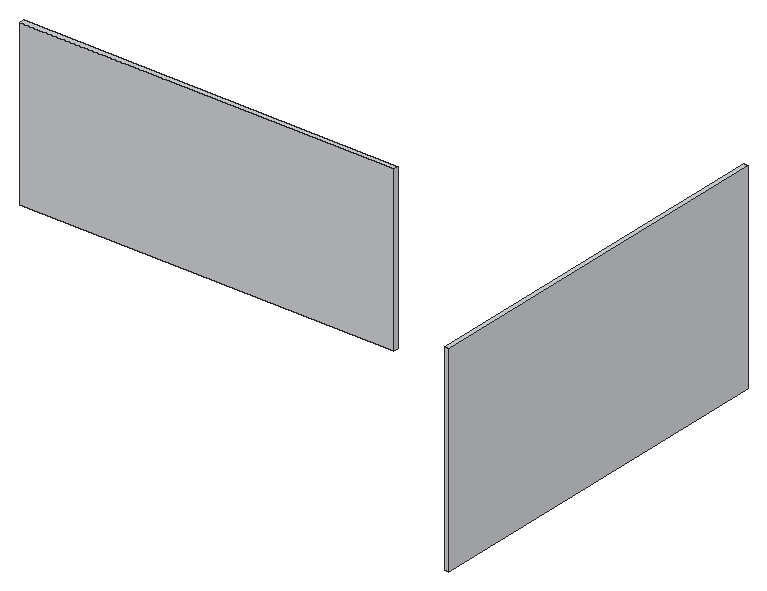
Revit family "EKF500E3 BIM position 3", category Mechanical Equipment, Revit 2013
Parameters (values of type "EKF500E3")
  Width = "850 mm"
  Weight = "130 kg"
  Warranty period = "Unit 2 years                                    Motor 5 years"
  Sub Type = "Lo-Carbon Kitchen Box Fan"
  Width (including handles) = "929 mm"
  Height (inclusing controller) = "1017 mm"
  Product Description = "Lo-Carbon Kitchen Box Fan"
  Part Number = "EKF500E3"
  Operating Temperature = "(-20C to +40C)"
  Maximum In-Duct Temperature = "120 Degrees C"
  Motor Rating = "1.71kW Max"
  Manufacturer - Website = "www.vent-axia.com"
  Manufacturer - Name = "Vent-Axia Ltd"
  Manufacturer - Email = "sales@vent-axia.com"
  Manufacturer - Contact Phone = "0844 856 0590"
  Manufacturer - Address = "Fleming Way, Crawley, West Sussex RH10 9YX"
  IP Rating = "IP54"
  Height = "850 mm"
  Length = "850 mm"
  Family = "In-Line Range"
  Country of Manufacture = "UK"
  Category = "Lo-Carbon Kitchen Box Fan"
  AC Voltage Input = "380-415V AC Three Phase"
  AC Frequency Input = "50 Hz"
Reference planes
  plane 1 "Center (Front/Back)": y = 0
  plane 2: z = 0
  plane 3 "Center (Left/Right)": x = 0
  plane 4: y = 464.5
  plane 5: y = -464.5
  plane 6: x = -425
  plane 7: x = 425
  plane 8: z = 535
  plane 9: z = 508.5
  plane 10: z = -508.5
Forms (mm)
  Extrusion 1, solid, detail levels coarse+medium
    sketch origin (-1239.08, 268.949, -45.414) x (1, 0, 0) y (0, 1, 0)
      loop
        line (748.906, 275.954) -> (748.906, -849.574) -> (1723.743, -849.574) -> (1723.743, 275.954) -> (748.906, 275.954)
    from -528.48 to 592.522
  Extrusion 2, solid
    sketch origin (0, 0, 0) x (0, 1, 0) y (0, 0, 1)
      loop
        line (363.405, -50) -> (-366.595, -50) -> (-366.595, -440) -> (363.405, -440) -> (363.405, -50)
    from 415.549 to 423.549
  Extrusion 3, solid
    sketch origin (60.211, -1.421, 0) x (-1, 0, 0) y (0, 0, 1)
      loop
        line (426.662, 270) -> (-303.338, 270) -> (-303.338, -48.5) -> (426.662, -48.5) -> (426.662, 270)
    from -425.174 to -415.174
Dimensions and locks
  plane 6 to plane 7 = 850 mm
  plane 5 to plane 4 = 929 mm
Connectors
  hvac at (415.549, -1.595, -243.472)
    settings: on import instance, index 1, duct flow 0.0 L/s, flow factor 0, pres drop 0.0 Pa, loss coef 0, conn angle 0.00°, conn width 730 mm, conn height 390 mm, conn radius 304.8 mm, duct sys type 2, conn prof type 1, flow config 0, flow direction 1, loss method 0, conn ref index -1, conn util no, is conn primary yes, conn desc ""
  hvac at (-1.451, -426.595, 112.278)
    settings: on import instance, index 2, duct flow 0.0 L/s, flow factor 0, pres drop 0.0 Pa, loss coef 0, conn angle 0.00°, conn width 730 mm, conn height 319 mm, conn radius 304.8 mm, duct sys type 2, conn prof type 1, flow config 0, flow direction 2, loss method 0, conn ref index -1, conn util no, is conn primary no, conn desc ""
